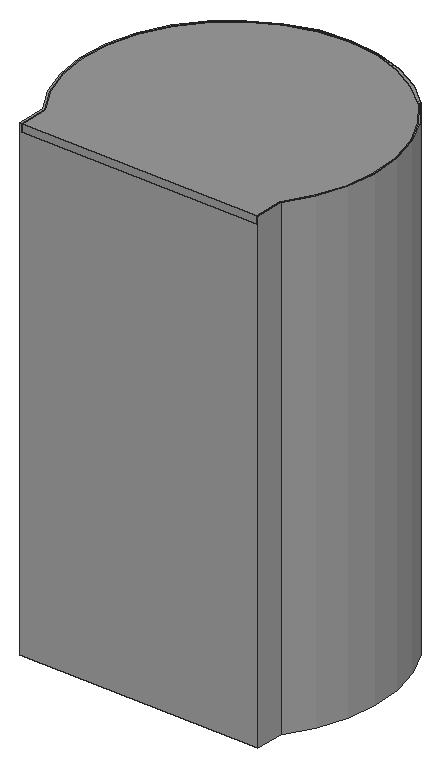
Revit family "DAN DRYER Björk Design Handdryer 3002", category Furniture Systems, host Wall, Revit 2018
Family settings
  Host = Wall
  Round Connector Dimension = Use Diameter
  Part Type = Normal
  Always vertical = Yes
  Cut with Voids When Loaded = No
  Shared = No
  Room Calculation Point = No
Parameters (values of type "OSLO")
  URL = "http://www.dandryer.dk/da-dk/produkter/produktserie-%E2%80%93-bjork/3002-bjork-haandtoerrer--valgfri-ral-farve"
  Type Image = <None>
  Surface Top = OSLO
  Surface Front = RAL FARVE
  Model = "Björk-3002"
  Manufacturer = "Dan Dryer"
  Description = "Touch-free hand dryer"
  Cost = 0
Types (6): name | Surface Top
  BIRK | BIRK
  GEO WHITE | GEO WHITE
  GRIGIO LONDRA | GRIGIO LONDRA
  NEGRO INGO | NEGRO INGO
  OSLO | OSLO
  BIANCO MALE | BIANCO MALE
Reference planes (in)
  plane 1 "Wall": y = 0
  plane 2 "Center (Left/Right)": x = 4.92126
  plane 3 "Back": y = 2.95276
Forms (in)
  Extrusion 1, solid, material "Blank Hvid", not visible
    sketch origin (0, 0, 0) x (1, 0, 0) y (0, 1, 0)
      loop
        arc (1.66187, 3.75455) -> (1.67032, 3.73804) -> (1.67323, 3.71973) r 0.05906
        line (1.67323, 3.71973) -> (1.67323, 2.96457) -> (1.72047, 2.96457) -> (1.72047, 3.71973)
        arc (1.72047, 3.71973) -> (1.71523, 3.75269) -> (1.70003, 3.78241) r 0.1063
        arc (1.70003, 3.78241) -> (4.92126, 10.12205) -> (8.14249, 3.78241) r 3.98819
        arc (8.14249, 3.78241) -> (8.12729, 3.75269) -> (8.12205, 3.71973) r 0.1063
        line (8.12205, 3.71973) -> (8.12205, 2.96457) -> (8.16929, 2.96457) -> (8.16929, 3.71973)
        arc (8.16929, 3.71973) -> (8.1722, 3.73804) -> (8.18065, 3.75455) r 0.05906
        arc (8.18065, 3.75455) -> (4.92126, 10.16929) -> (1.66187, 3.75455) r 4.03543
    from 35.43307 to 48.4252
  Extrusion 2, void, not visible
    sketch origin (8.16929, 3.71973, 0) x (0, 1, 0) y (0, 0, -1)
      loop
        line (-0.75516, -48.22835) -> (-0.75516, -48.4252) -> (0.24229, -48.4252)
        arc (0.24229, -48.4252) -> (0.12078, -48.36063) -> (0.08289, -48.22835) r 0.17597
        line (0.08289, -48.22835) -> (-0.75516, -48.22835)
    from -0.43119 to 6.69923
  Extrusion 3, void, not visible
    sketch origin (8.16929, 3.71973, 83.85827) x (0, 1, 0) y (0, 0, -1)
      loop
        line (-0.75516, 48.22835) -> (0.08289, 48.22835)
        arc (0.08289, 48.22835) -> (0.12078, 48.36063) -> (0.24229, 48.4252) r 0.17597
        line (0.24229, 48.4252) -> (-0.75516, 48.4252) -> (-0.75516, 48.22835)
    from -0.23622 to 7.06498
  Extrusion 4, solid, not visible
    sketch origin (8.16929, 2.96457, 35.70866) x (0, 1, 0) y (-1, 0, 0)
      loop
        line (0, 6.44882) -> (0, 0.04724) -> (0.75516, 0.04724)
        arc (0.75516, 0.04724) -> (0.78813, 0.042) -> (0.81784, 0.0268) r 0.1063
        arc (0.81784, 0.0268) -> (7.15748, 3.24803) -> (0.81784, 6.46926) r 3.98819
        arc (0.81784, 6.46926) -> (0.78813, 6.45406) -> (0.75516, 6.44882) r 0.1063
        line (0.75516, 6.44882) -> (0, 6.44882)
    from 0 to -0.07874
  Extrusion 5, void, not visible
    sketch origin (8.12205, 2.96457, 0) x (-1, 0, 0) y (0, 0, 1)
      loop
        arc (3.27999, 38.4252) -> (3.2009, 38.50448) -> (3.12159, 38.4252) r 0.07921
        line (3.12159, 38.4252) -> (3.12146, 36.61417)
        arc (3.12146, 36.61417) -> (3.20067, 36.53489) -> (3.27999, 36.61417) r 0.07921
        line (3.27999, 36.61417) -> (3.27999, 38.4252)
    from 6.88641 to 7.45017
  Extrusion 6, solid, not visible
    sketch origin (8.12205, 2.96457, 0) x (1, 0, 0) y (0, 0, 1)
      loop
        line (-3.27999, 38.42458) -> (-3.27999, 36.61417)
        arc (-3.27999, 36.61417) -> (-3.20042, 36.54009) -> (-3.12154, 36.61479) r 0.07931
        line (-3.12154, 36.61479) -> (-3.12159, 38.4252)
        arc (-3.12159, 38.4252) -> (-3.20116, 38.49928) -> (-3.27999, 38.42458) r 0.07931
    from -7.20394 to -6.8864
  Extrusion 7, solid, material "RAL FARVE", not visible
    sketch origin (0, 0, 0) x (1, 0, 0) y (0, 1, 0)
      loop
        arc (1.66187, 3.75455) -> (1.67032, 3.73804) -> (1.67323, 3.71973) r 0.05906
        line (1.67323, 3.71973) -> (1.67323, 2.96457) -> (1.72047, 2.96457) -> (1.72047, 3.71973)
        arc (1.72047, 3.71973) -> (1.71523, 3.75269) -> (1.70003, 3.78241) r 0.1063
        arc (1.70003, 3.78241) -> (4.92126, 10.12205) -> (8.14249, 3.78241) r 3.98819
        arc (8.14249, 3.78241) -> (8.12729, 3.75269) -> (8.12205, 3.71973) r 0.1063
        line (8.12205, 3.71973) -> (8.12205, 2.96457) -> (8.16929, 2.96457) -> (8.16929, 3.71973)
        arc (8.16929, 3.71973) -> (8.1722, 3.73804) -> (8.18065, 3.75455) r 0.05906
        arc (8.18065, 3.75455) -> (4.92126, 10.16929) -> (1.66187, 3.75455) r 4.03543
    from 35.43307 to 48.4252
Text (in)
  text "Placement Side" at (-72.78884, 43.96769, 0), in view "Ref. Level"
  text "Placement side" at (0, 55.50411, 112.37426), in view "Left"
  text "Placement side" at (0, 19.67758, 117.35164), in view "Right"
Dimensions and locks (in)
  locked: plane 3 "Back" to host wall
  aligned and locked: plane 1 "Wall" to host wall
  aligned and locked: plane 3 "Back" to nested 1  (x2)
Nested families (in)
  nested 1: "Master Handdryer" at (4.92126, 2.95276, 43.30709), type "Master Handdryer"
Definition of nested family "Master Handdryer"
  Parameters (values of type "Master Handdryer")
    Surface Top = none
    Surface Front = none
  Reference planes (in)
    plane 1 "Center (Front/Back)": y = 0
    plane 2: z = 0
    plane 3 "Center (Left/Right)": x = 0
  Forms (in)
    Extrusion 1, solid, material <- "Surface Front"
      sketch origin (0, 0, 0) x (1, 0, 0) y (0, 1, 0)
        loop
          arc (3.24805, 0.7745) -> (0.00001, 7.20472) -> (-3.24802, 0.7745) r 4.03543
          line (-3.24802, 0.7745) -> (-3.24802, 0) -> (3.24805, 0) -> (3.24805, 0.7745)
      from 0 to 12.99213
    Extrusion 2, solid, material <- "Surface Top"
      sketch origin (0, 0, 12.99213) x (1, 0, 0) y (0, 1, 0)
        loop
          arc (3.2008, 0.79009) -> (0.00001, 7.15748) -> (-3.20077, 0.79009) r 3.98819
          line (-3.20077, 0.79009) -> (-3.20077, 0) -> (3.2008, 0) -> (3.2008, 0.79009)
      from 0 to -0.19685
    Extrusion 3, void
      sketch origin (0, 0, 0) x (1, 0, 0) y (0, 1, 0)
        loop
          line (-3.20077, 0) -> (3.2008, 0) -> (3.2008, 0.79009)
          arc (3.2008, 0.79009) -> (0.00001, 7.15748) -> (-3.20077, 0.79009) r 3.98819
          line (-3.20077, 0.79009) -> (-3.20077, 0)
      from 12.79528 to 12.99213
  Cuts and joins
    Extrusion 3 cuts Extrusion 1
  Dimensions and locks (in)
    aligned and locked: level to plane 2
